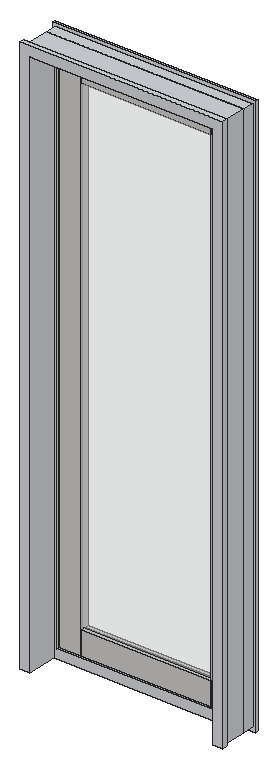
Revit family "APL Residential Thermal Heart Hinged Door Open In", category Doors, host Wall, Revit 2017
Family settings
  Host = Wall
  OmniClass Number = 23.30.10.00
  OmniClass Title = Doors
  Always vertical = Yes
  Cut with Voids When Loaded = No
  Shared = No
  Room Calculation Point = No
Parameters (values of type "Architrave")
  Rough Width = 815 mm
  Rough Height = 2315 mm
  Reveal Liner = no
  Plan Swing = yes
  Panel = Rough Width - 95 mm  # 720 mm
  Liner Sill = no
  Liner Head = yes
  Liner End = 10 mm
  Liner = 51 mm
  Jamb Liner 2 = yes
  Jamb Liner 1 = yes
  Groove = 10 mm
  Function = Interior
  Frame Width Sill = 15 mm
  Frame Projection Ext. = 13 mm
  Frame Projection Int. = 20 mm
  Frame Width = 12.5 mm
  Height = Rough Height - 12.5 mm  # 2302.5 mm
  Wall Closure = By host
  Width = Rough Width - 15 mm  # 800 mm
  Architrave = yes
  Analytic Construction = "<None>"
  90° Opening [instance] = no
  15° Opening [instance] = yes
Reference planes
  plane 1: y = 0
  plane 2 "Center (Left/Right)": x = 0
  plane 3 "Left": x = -407.5
  plane 4 "Right": x = 407.5
  plane 5: z = 2315
  plane 6 "Exterior": y = 75
  plane 7 "Interior": y = -75
Forms (mm)
  Extrusion 1, solid, visible <- "Architrave"
    sketch origin (-3050, -75, 0) x (1, 0, 0) y (0, 0, 1)
      loop
        line (2630, 0) -> (2642.5, 0) -> (2642.5, 2315) -> (3457.5, 2315) -> (3457.5, 0) -> (3470, 0) -> (3470, 2327.5) -> (2630, 2327.5) -> (2630, 0)
    from 0 to 20
  Extrusion 2, solid
    sketch origin (-6.857, 0, 0) x (1, 0, 0) y (0, 1, 0)
      loop
        line (-353.099, 63.413) -> (-264.309, 63.413) -> (-264.309, 69.784) -> (-278.567, 84.042) -> (-353.099, 84.042) -> (-353.099, 63.413)
    from 44.629 to 2267.457
  Extrusion 3, solid
    sketch origin (0, -9.269, 0) x (1, 0, 0) y (0, 1, 0)
      loop
        line (-271.167, 77.961) -> (-271.167, 53.752) -> (270.95, 53.752) -> (270.95, 77.961) -> (-271.167, 77.961)
    from 141.653 to 2170.649
  Extrusion 4, solid
    sketch origin (0, -9.478, 0) x (0, 1, 0) y (0, 0, 1)
      loop
        line (93.461, 2267.457) -> (63.461, 2267.457) -> (63.461, 2170.433) -> (78.451, 2170.433) -> (93.461, 2185.442) -> (93.461, 2267.457)
    from -285.359 to 285.063
  Extrusion 5, solid, visible <- "Architrave"
    sketch origin (0, -32.901, 0) x (1, 0, 0) y (0, 0, 1)
      loop
        line (407.5, 2315) -> (-407.5, 2315) -> (-407.5, 0) -> (-379.424, 0) -> (-379.424, 2287.2) -> (379.424, 2287.2) -> (379.424, 0) -> (407.5, 0) -> (407.5, 2315)
    from -62.788 to 62.099
  Sweep 6, solid, visible <- "Reveal Liner"
    path origin (0, -75, 0) x (1, 0, 0) y (0, 0, 1)
      loop
        line (-407.5, 0) -> (-407.5, 2315) -> (407.5, 2315) -> (407.5, 0)
    profile origin (-407.5, -75, 1157.5) x (-1, 0, 0) y (0, -1, 0)
      loop
        line (-9.076, 20) -> (-28.076, 20) -> (-28.076, -104.887) -> (0, -104.887) -> (0, 0.131) -> (-14.642, 0.131) -> (-14.642, 10) -> (-9.076, 10) -> (-9.076, 20)
  Extrusion 7, solid
    sketch origin (0, 75, 0) x (1, 0, 0) y (0, 0, 1)
      loop
        line (407.5, 2315) -> (-407.5, 2315) -> (-407.5, 0) -> (407.5, 0) -> (407.5, 2315)
      loop
        line (396.8, 2304.3) -> (-396.8, 2304.3) -> (-396.8, 7.8) -> (396.8, 7.8) -> (396.8, 2304.3)
    from 0 to 45.113
  Sweep 8, solid
    path origin (0, 75, 0) x (1, 0, 0) y (0, 0, 1)
      loop
        line (407.5, 2315) -> (-407.5, 2315) -> (-407.5, -2.914) -> (407.5, -2.914) -> (407.5, 2315)
    profile origin (-407.5, 75, 1156.043) x (0, -1, 0) y (1, 0, 0)
      loop
        line (0, -12.5) -> (0, 10.7) -> (45.113, 10.7) -> (45.113, 41.5) -> (42.97, 41.5) -> (42.97, 47.543) -> (-9.042, 47.543) -> (-9.042, 60.5) -> (-20.5, 60.5) -> (-20.5, 5.968) -> (-12.064, -1.111) -> (-12.064, -12.5) -> (0, -12.5)
  Extrusion 9, solid
    sketch origin (6.857, -9.419, 0) x (-1, 0, 0) y (0, -1, 0)
      loop
        line (-353.099, -63.461) -> (-353.099, -93.461) -> (-278.205, -93.461) -> (-264.093, -79.348) -> (-264.093, -63.461) -> (-353.099, -63.461)
    from 44.629 to 2267.457
  Extrusion 10, solid
    sketch origin (0, -9.431, -12.957) x (0, 1, 0) y (0, 0, 1)
      loop
        line (63.461, 2280.413) -> (41.461, 2280.413) -> (41.461, 2183.389) -> (63.461, 2183.389) -> (63.461, 2280.413)
    from -271.167 to 270.95
  Extrusion 11, solid
    sketch origin (0, -9.078, -0.55) x (0, 1, 0) y (0, 0, 1)
      loop
        line (63.12, 142.203) -> (41.461, 142.203) -> (41.461, 45.179) -> (63.12, 45.179) -> (63.12, 142.203)
    from -271.167 to 270.95
  Extrusion 12, solid
    sketch origin (0, -9.419, 2312.086) x (0, 1, 0) y (0, 0, 1)
      loop
        line (93.461, -2267.457) -> (93.461, -2185.442) -> (78.451, -2170.433) -> (63.461, -2170.433) -> (63.461, -2267.457) -> (93.461, -2267.457)
    from -285.359 to 285.063
  Extrusion 13, solid
    sketch origin (0, 0, 0) x (-1, 0, 0) y (0, -1, 0)
      loop
        line (271.167, -63.413) -> (359.957, -63.413) -> (359.957, -32.03) -> (271.167, -32.03) -> (271.167, -63.413)
    from 44.629 to 2267.457
  Extrusion 14, solid
    sketch origin (512.132, -9.419, 0) x (-1, 0, 0) y (0, -1, 0)
      loop
        line (152.175, -63.461) -> (241.182, -63.461) -> (241.182, -41.461) -> (152.175, -41.461) -> (152.175, -63.461)
    from 44.629 to 2267.457
Cuts and joins
  joined: Extrusion 1, Extrusion 5
  joined: Extrusion 7, Sweep 8
  joined: Extrusion 9, Extrusion 14
  joined: Extrusion 2, Extrusion 13
Lines and regions (mm)
  Opening 1
    outline origin (-3050, -75, 0) x (1, 0, 0) y (0, 0, 1)
      loop
        line (2642.5, 0) -> (3457.5, 0) -> (3457.5, 2315) -> (2642.5, 2315) -> (2642.5, 0)
  symbolic lines, style "Elevation Swing"
    curve 1: line (352.941, -75, 1157.5) -> (-347, -75, 2254.5)
    curve 2: line (352.941, -75, 1157.5) -> (-347, -75, 57.586)
  symbolic lines, style "Plan Swing", visible <- "90° Opening"
    curve 3: line (359.957, 32.042, 0) -> (359.957, -687.97, 0)
    curve 4: arc (359.957, -687.97, 0) -> (-149.104, -477.056, 0) -> (-359.957, 32.03, 0) r 720
  symbolic lines, style "Plan Swing", visible <- "15° Opening"
    curve 5: line (359.957, 32.042, 0) -> (-335.51, -154.308, 0)
    curve 6: arc (-360.043, 32.03, 0) -> (-353.883, -61.943, 0) -> (-335.51, -154.308, 0) r 720
Text (mm)
  text "Exterior" at (-2295.016, 1099.543, 0), in view "Ref. Level"
  text "Exterior" at (0, 1615.38, 3698.081), in view "Left"
  text "Exterior" at (0, 1036.032, 3874.932), in view "Right"
Dimensions and locks
  equal spacing: plane 3 "Left", plane 2 "Center (Left/Right)", plane 4 "Right"
  "Rough Width": plane 3 "Left" to plane 4 "Right"
  "Rough Height": plane 5 to host wall
  equal spacing: host wall, curve 2, plane 5
  host wall to plane 5 = 2315 mm
  "Frame Projection Int.": Extrusion 1 to Extrusion 1
  "Frame Width": plane 3 "Left" to Extrusion 1 sketch curve
  "Frame Width": plane 4 "Right" to Extrusion 1 sketch curve
  "Frame Width": Extrusion 1 sketch curve to plane 5
  locked: plane 6 "Exterior" to host wall at 0
  locked: plane 7 "Interior" to host wall
  level to nested 1 = 5 mm
  locked: nested 1 to plane 5 at 7.5
  locked: Extrusion 7 to plane 6 "Exterior" at 45.113
  Extrusion 4 to Extrusion 7 to Extrusion 7 = 133.867 mm, 10.7 mm
  Extrusion 4 to Extrusion 4 to Extrusion 4 to plane 5 = 15.009 mm locked, 82.014 mm locked, 47.543 mm locked
  locked: Extrusion 3 to plane 5 at 144.351
  Extrusion 12 to Extrusion 12 = 97.024 mm
  locked: cut or joined group of Extrusion 7, Sweep 8 to plane 6 "Exterior" at 45.113
  locked: plane 3 "Left" to Sweep 6 at 28.076
  Sweep 6 to plane 4 "Right" = 28.076 mm
  locked: plane 4 "Right" to Extrusion 4 at 122.437
  locked: plane 3 "Left" to Extrusion 4 at 122.141
  locked: plane 4 "Right" to Extrusion 12 at 122.437
  locked: plane 3 "Left" to Extrusion 12 at 122.141
  Extrusion 13 to Extrusion 13 to plane 6 "Exterior" to Extrusion 2 = 31.383 mm locked, 11.587 mm locked, 9.042 mm locked
  Extrusion 14 to Extrusion 14 to plane 6 "Exterior" to Extrusion 9 = 22 mm locked, 20.958 mm locked, 9.042 mm locked
  plane 3 "Left" to cut or joined group of Extrusion 2, Extrusion 13 to cut or joined group of Extrusion 7, Sweep 8 to cut or joined group of Extrusion 2, Extrusion 13 = 47.543 mm locked, 12.957 mm locked, 75.833 mm locked
  cut or joined group of Extrusion 9, Extrusion 14 to cut or joined group of Extrusion 7, Sweep 8 to cut or joined group of Extrusion 9, Extrusion 14 to plane 4 "Right" = 76.05 mm locked, 12.957 mm locked, 47.543 mm locked
  "Panel": radius of curve 4
  "Panel": radius of curve 6
  locked: cut or joined group of Extrusion 7, Sweep 8 to curve 5 (angle 15.00°)
  aligned and locked: plane 3 "Left" to Opening 1 sketch curve
  aligned and locked: plane 5 to Opening 1 sketch curve  (x2)
  aligned and locked: Opening 1 sketch curve to plane 4 "Right"
  aligned and locked: Opening 1 sketch curve to level
  aligned and locked: level to Extrusion 1 sketch curve
  aligned and locked: plane 5 to Extrusion 1 sketch curve  (x2)
  aligned and locked: Extrusion 1 sketch curve to plane 4 "Right"
  aligned and locked: plane 3 "Left" to Extrusion 1 sketch curve
  aligned and locked: plane 1 to host wall
  aligned and locked: Extrusion 1 to Extrusion 5
  aligned and locked: Extrusion 1 to level
  aligned and locked: plane 5 to Sweep 6 sketch curve
  aligned and locked: Sweep 6 sketch curve to plane 4 "Right"
  aligned and locked: Sweep 6 sketch curve to plane 3 "Left"
  aligned and locked: cut or joined group of Extrusion 1, Extrusion 5 to Sweep 6 sketch curve
  aligned and locked: Sweep 6 sketch curve to cut or joined group of Extrusion 1, Extrusion 5
  aligned and locked: Sweep 6 sketch curve to profile plane
  aligned and locked: Extrusion 7 to host wall
  aligned and locked: Sweep 6 sketch curve to Extrusion 7
  aligned and locked: Extrusion 5 to Sweep 6  (x2)
  aligned and locked: Extrusion 5 to cut or joined group of Extrusion 7, Sweep 8
  aligned and locked: Extrusion 4 to Extrusion 9
  aligned and locked: Extrusion 2 to Extrusion 4
  aligned and locked: curve 4 to Extrusion 13
  aligned and locked: curve 3 to Extrusion 14
  aligned and locked: Extrusion 13 to Extrusion 2  (x2)
  aligned and locked: Extrusion 14 to Extrusion 9
  aligned and locked: cut or joined group of Extrusion 7, Sweep 8 to curve 1
  aligned and locked: cut or joined group of Extrusion 7, Sweep 8 to curve 2
  aligned and locked: Extrusion 3 to Extrusion 11
  aligned and locked: Extrusion 11 to Extrusion 3
  aligned and locked: Extrusion 3 to cut or joined group of Extrusion 2, Extrusion 13
  aligned and locked: Extrusion 3 to cut or joined group of Extrusion 9, Extrusion 14
  aligned and locked: Extrusion 14 to Extrusion 4
  aligned and locked: Extrusion 3 to Extrusion 10
  aligned and locked: Extrusion 10 to Extrusion 3
  aligned and locked: cut or joined group of Extrusion 9, Extrusion 14 to curve 5
  aligned and locked: cut or joined group of Extrusion 7, Sweep 8 to curve 6
Automatic sketch dimensions
  Extrusion 2 sketch curve to host wall = 11.587 mm
  Extrusion 2 sketch curve to plane 3 "Left" = 47.543 mm
  host wall to Extrusion 2 sketch curve = 9.042 mm
  Extrusion 2 sketch curve to Extrusion 2 sketch curve = 74.532 mm
  Extrusion 2 sketch curve to host wall = 5.216 mm
  Extrusion 2 sketch curve to Extrusion 2 sketch curve = 14.258 mm
  Extrusion 3 sketch curve to host wall = 30.518 mm
  Extrusion 3 sketch curve to plane 3 "Left" = 136.333 mm
  plane 4 "Right" to Extrusion 3 sketch curve = 136.55 mm
  Extrusion 3 sketch curve to host wall = 6.309 mm
  Extrusion 4 sketch curve to host wall = 21.018 mm
  Extrusion 4 sketch curve to host wall = 6.027 mm
  host wall to Extrusion 4 sketch curve = 8.982 mm
  plane 5 to Extrusion 4 sketch curve = 144.567 mm
  Extrusion 4 sketch curve to Extrusion 4 sketch curve = 15.009 mm
  plane 5 to Extrusion 4 sketch curve = 47.543 mm
  plane 3 "Left" to Extrusion 5 sketch curve = 0 mm
  Extrusion 5 sketch curve to level = 0 mm  (x2)
  plane 4 "Right" to Extrusion 5 sketch curve = 0 mm
  Extrusion 5 sketch curve to plane 5 = 0 mm
  Extrusion 5 sketch curve to plane 3 "Left" = 28.076 mm
  plane 4 "Right" to Extrusion 5 sketch curve = 28.076 mm
  plane 5 to Extrusion 5 sketch curve = 27.8 mm
  Sweep 6 sketch curve to level = 0 mm  (x2)
  profile plane to Sweep 6 sketch curve = 14.642 mm
  Sweep 6 sketch curve to Sweep 6 sketch curve = 5.565 mm
  plane 7 "Interior" to Sweep 6 sketch curve = 0.131 mm
  Sweep 6 sketch curve to Sweep 6 sketch curve = 10 mm
  plane 3 "Left" to Extrusion 7 sketch curve = 0 mm
  plane 4 "Right" to Extrusion 7 sketch curve = 0 mm
  Extrusion 7 sketch curve to level = 0 mm
  Extrusion 7 sketch curve to plane 5 = 0 mm
  Extrusion 7 sketch curve to plane 3 "Left" = 10.7 mm
  plane 4 "Right" to Extrusion 7 sketch curve = 10.7 mm
  level to Extrusion 7 sketch curve = 7.8 mm
  plane 5 to Extrusion 7 sketch curve = 10.7 mm
  plane 3 "Left" to Sweep 8 sketch curve = 0 mm
  plane 4 "Right" to Sweep 8 sketch curve = 0 mm
  Sweep 8 sketch curve to plane 5 = 0 mm
  Sweep 8 sketch curve to level = 2.914 mm
  host wall to Extrusion 9 sketch curve = 20.958 mm
  Extrusion 9 sketch curve to plane 4 "Right" = 47.543 mm
  Extrusion 9 sketch curve to host wall = 9.042 mm
  Extrusion 9 sketch curve to Extrusion 9 sketch curve = 74.894 mm
  host wall to Extrusion 9 sketch curve = 5.071 mm
  Extrusion 9 sketch curve to Extrusion 9 sketch curve = 14.113 mm
  Extrusion 10 sketch curve to host wall = 42.97 mm
  Extrusion 10 sketch curve to host wall = 20.97 mm
  plane 5 to Extrusion 10 sketch curve = 144.567 mm
  plane 5 to Extrusion 10 sketch curve = 47.543 mm
  Extrusion 11 sketch curve to host wall = 42.618 mm
  Extrusion 11 sketch curve to host wall = 20.958 mm
  level to Extrusion 11 sketch curve = 44.629 mm
  Extrusion 11 sketch curve to Extrusion 11 sketch curve = 97.024 mm
  host wall to Extrusion 12 sketch curve = 20.958 mm
  host wall to Extrusion 12 sketch curve = 5.968 mm
  Extrusion 12 sketch curve to host wall = 9.042 mm
  Extrusion 12 sketch curve to level = 141.653 mm
  Extrusion 12 sketch curve to Extrusion 12 sketch curve = 15.009 mm
  Extrusion 12 sketch curve to level = 44.629 mm
  host wall to Extrusion 13 sketch curve = 32.03 mm
  plane 3 "Left" to Extrusion 13 sketch curve = 136.333 mm
  plane 3 "Left" to Extrusion 13 sketch curve = 47.543 mm
  host wall to Extrusion 13 sketch curve = 11.587 mm
  Extrusion 14 sketch curve to host wall = 32.042 mm
  plane 4 "Right" to Extrusion 14 sketch curve = 47.543 mm
  Extrusion 14 sketch curve to Extrusion 14 sketch curve = 89.007 mm
  Extrusion 14 sketch curve to host wall = 20.958 mm
  plane 6 "Exterior" to Sweep 8 sketch curve = 0 mm
  Sweep 8 sketch curve to plane 6 "Exterior" = 9.042 mm
  Sweep 8 sketch curve to Sweep 8 sketch curve = 12.064 mm
  Sweep 8 sketch curve to Sweep 8 sketch curve = 11.458 mm
  plane 6 "Exterior" to Sweep 8 sketch curve = 42.97 mm
  Sweep 8 sketch curve to profile plane = 10.7 mm
  Sweep 8 sketch curve to Sweep 8 sketch curve = 2.143 mm
  Sweep 8 sketch curve to profile plane = 5.968 mm
  profile plane to Sweep 8 sketch curve = 1.111 mm
  profile plane to Sweep 8 sketch curve = 12.5 mm
  Sweep 8 sketch curve to Sweep 8 sketch curve = 30.8 mm
  Sweep 8 sketch curve to Sweep 8 sketch curve = 6.043 mm
  Sweep 8 sketch curve to Sweep 8 sketch curve = 12.957 mm
  plane 4 "Right" to curve 2 = 54.559 mm
  plane 5 to curve 1 = 60.5 mm
  curve 2 to plane 3 "Left" = 60.5 mm
  Extrusion 1 sketch curve to level = 0 mm
  curve 5 to plane 3 "Left" = 71.99 mm
  curve 6 to curve 3 = 0 mm
  curve 6 to curve 4 = 0.087 mm
Nested families
  nested 1: "APL Residential Thermal Heart Hinged Door Open In Vertical Section" at (-420, -269.196, 120.474) x (0, -1, 0) z (1, 0, 0), Liner <- "Liner", Groove <- "Groove", Liner End <- "Liner End", Box Width <- "Height", type "Groove"
    with Liner End 10 mm, Liner 51 mm, Groove 10 mm, Glass Length 2054.5 mm, Box Width 2302.5 mm
  nested 2: "APL Residential Thermal Heart Hinged Door Open In Horizontal Section" at (-408.062, 94.873, 57.586) x (-1, 0, 0) z (0, 0, 1), Box Width <- "Width", Liner <- "Liner", Groove <- "Groove", Liner End <- "Liner End", type "Groove"
    with Liner End 10 mm, Liner 51 mm, Groove 10 mm, Glass Length 1 567 mm, Box Width 800 mm
Definition of nested family "APL Residential Thermal Heart Hinged Door Open In Vertical Section"
  Parameters (values of type "Groove")
    Sill Liner = yes
    Liner End [instance] = 10 mm
    Liner Block = Liner : Liner
    Liner [instance] = 100 mm
    Head Liner = yes
    Groove [instance] = 10 mm
    Glass Length [instance] = Box Width - 248 mm  # 252 mm
    Box Width [instance] = 500 mm
  Types (6, lengths in mm): name | Liner Block
    Groove | Liner : Liner
    No Groove | Liner No Groove : Liner No Groove
    Single Glazing No Groove | Liner No Groove : Liner No Groove
    Double Glazing No Groove | Liner No Groove : Liner No Groove
    Single Glazing Groove | Liner : Liner
    Double Glazing Groove | Liner : Liner
  Reference planes
    plane 1 "Front": x = -362.196
    plane 2: z = 0
    plane 3 "Center (Elevation)": y = 134.526
    plane 4: y = 384.526
    plane 5: y = -115.474
    plane 6: x = -303.196
    plane 7: y = -120.474
    plane 8: x = -349.196
    plane 9: x = -303.175
    plane 10: x = -303.196
    plane 11: x = -344.196
  Dimensions and locks
    equal spacing: plane 4, plane 3 "Center (Elevation)", plane 5
    "Box Width": plane 4 to plane 5
    "Liner": plane 6 to nested 1
    locked: plane 5 to plane 7 at 5
    locked: plane 4 to nested 2 at 124.388
    locked: plane 5 to nested 3 at 124.398
    "Liner": plane 10 to nested 4
    locked: plane 8 to plane 11 at 5
    locked: nested 2 to nested 6 at 6.321
    locked: nested 5 to nested 3 at 6.331
    locked: nested 4 to nested 5 at 13.323
    locked: nested 6 to nested 1 at 13.323
    aligned and locked: nested 1 to plane 6
    aligned and locked: nested 4 to plane 10
    aligned and locked: nested 6 to plane 4
    aligned and locked: nested 5 to plane 5
  Nested families
    nested 1: "Liner" at (-303.196, 363.81, 0), type <- "Liner Block", End Liner <- "Liner End", Groove <- "Groove", visible <- "Head Liner", type "Liner", in view "Left", detail levels fine
      with built-in parameter 1001306 0.32808 (stored number, unit not read)
    nested 2: "Glazing Bead" at (-337.679, 260.138, 0), Glass Lenght <- "Glass Length", type "DG", in view "Left", detail levels fine
      with Glass Lenght 252 mm
    nested 3: "Glazing Bead" at (-337.679, 8.924, 0), Glass Lenght <- "Glass Length", type "DG", in view "Left", detail levels fine
      with Glass Lenght 252 mm
    nested 4: "Liner" at (-303.196, -94.758, 0), type <- "Liner Block", End Liner <- "Liner End", Groove <- "Groove", visible <- "Sill Liner", type "Liner", in view "Left", detail levels fine
      with built-in parameter 1001306 0.32808 (stored number, unit not read)
    nested 5: "Open In Head&Sill" at (-349.196, -115.474, 0), type "Open Out Head&Sill", in view "Left", detail levels fine
    nested 6: "Open In Head&Sill" at (-349.196, 384.526, 0), type "Open Out Head&Sill", in view "Left", detail levels fine
  Definition of nested family "Liner"
    Parameters (values of type "Liner")
      Type Image = (empty or 0)
      built-in parameter 1001306 [instance] = 100 mm
      Groove [instance] = 10 mm
      End Liner [instance] = 10 mm
    Reference planes
      plane 1 "Center (Front/Back)": y = 0
      plane 2: z = 0
      plane 3 "Left": x = 0
      plane 4 "Right": x = 100
    Lines and regions (mm)
      Filled region 1, type "Brick", in view "Ref. Level"
        outline origin (0, 0, 0) x (1, 0, 0) y (0, 1, 0)
          loop
            line (0, 0) -> (120, 0) -> (120, 19) -> (110, 19) -> (110, 13.435) -> (100, 13.435) -> (100, 19) -> (0, 19) -> (0, 0)
      reference lines, in view "Ref. Level"
        curve 1: line (0, 0, 0) -> (100, 0, 0)
      detail lines, in view "Ref. Level", detail levels fine
        curve 2: line (100, 0, 0) -> (0, 0, 0)
    Dimensions and locks
      "built-in parameter 1001306": plane 3 "Left" to plane 4 "Right"
      locked: Filled region 1 to curve 2 at 19
      "Groove": plane 4 "Right" to Filled region 1
      "End Liner": Filled region 1 to Filled region 1
      aligned and locked: plane 1 "Center (Front/Back)" to curve 1
      aligned and locked: plane 3 "Left" to curve 1
      aligned and locked: plane 4 "Right" to curve 1
      aligned and locked: curve 1 to Filled region 1
      aligned and locked: plane 1 "Center (Front/Back)" to Filled region 1
      aligned and locked: Filled region 1 to plane 3 "Left"
    Automatic sketch dimensions
      curve 2 to plane 4 "Right" = 0 mm
      Filled region 1 sketch curve to plane 3 "Left" = 0 mm
      Filled region 1 sketch curve to plane 4 "Right" = 0 mm
      Filled region 1 sketch curve to Filled region 1 sketch curve = 10 mm  (x2)
      Filled region 1 sketch curve to plane 1 "Center (Front/Back)" = 0 mm
      Filled region 1 sketch curve to plane 1 "Center (Front/Back)" = 13.435 mm
      Filled region 1 sketch curve to Filled region 1 sketch curve = 5.565 mm  (x2)
      curve 2 to plane 3 "Left" = 0 mm
  Definition of nested family "Glazing Bead"
    Parameters (values of type "Glazing Bead")
      Glass Lenght [instance] = 50 mm
    Reference planes
      plane 1 "Center (Front/Back)": y = 0
      plane 2: z = 0
      plane 3 "Center (Left/Right)": x = 0
      plane 4: y = -50
    Lines and regions (mm)
      Filled region 1, type "Solid Fill - Black", in view "Ref. Level"
        outline origin (0, 0, 0) x (1, 0, 0) y (0, 1, 0)
          loop
            line (4, 0) -> (4, -12) -> (20, -12) -> (20, 0) -> (4, 0)
      model lines, in view "Ref. Level"
        curve 1: line (4, -12, 0) -> (20, -12, 0)
        curve 2: line (0, -50, 0) -> (0, 0, 0)
        curve 3: line (0, 0, 0) -> (24, 0, 0)
        curve 4: line (24, 0, 0) -> (24, -50, 0)
        curve 5: line (20, 0, 0) -> (20, -50, 0)
        curve 6: line (4, 0, 0) -> (4, -50, 0)
      detail lines, in view "Ref. Level"
        curve 7: arc (-0.25, -4.9, 0) -> (0, -5.15, 0) -> (-0.25, -5.4, 0) r 0.25
        curve 8: arc (-0.25, -8.45, 0) -> (0, -8.7, 0) -> (-0.25, -8.95, 0) r 0.25
        curve 9: arc (-0.25, -9.619, 0) -> (0, -9.869, 0) -> (-0.25, -10.119, 0) r 0.25
        curve 10: arc (-0.25, -10.787, 0) -> (0, -11.037, 0) -> (-0.25, -11.287, 0) r 0.25
        curve 11: line (-0.25, -12.456, 0) -> (-1, -12.456, 0)
        curve 12: line (-1, -12.456, 0) -> (-1, -8.45, 0)
        curve 13: line (-1, -8.45, 0) -> (-2.2, -8.45, 0)
        curve 14: line (-2.2, -8.45, 0) -> (-2.2, -9.2, 0)
        curve 15: line (-2.2, -9.2, 0) -> (-2.8, -9.2, 0)
        curve 16: line (-2.8, -9.2, 0) -> (-2.8, -6.1, 0)
        curve 17: line (-2.8, -6.1, 0) -> (-2.2, -6.1, 0)
        curve 18: line (-2.2, -6.1, 0) -> (-2.2, -6.85, 0)
        curve 19: line (-2.2, -6.85, 0) -> (-1, -6.85, 0)
        curve 20: line (-1, -6.85, 0) -> (-1, -4.9, 0)
        curve 21: line (-1, -4.9, 0) -> (-0.25, -4.9, 0)
        curve 22: line (-0.25, -5.4, 0) -> (-0.25, -8.45, 0)
        curve 23: line (-0.25, -8.95, 0) -> (-0.25, -9.619, 0)
        curve 24: line (-0.25, -10.119, 0) -> (-0.25, -10.787, 0)
        curve 25: line (-0.25, -11.287, 0) -> (-0.25, -11.956, 0)
        curve 26: arc (-0.25, -11.956, 0) -> (0, -12.206, 0) -> (-0.25, -12.456, 0) r 0.25
      detail lines, in view "Ref. Level", not visible
        curve 27: arc (-0.25, -4.9, 0) -> (0, -5.15, 0) -> (-0.25, -5.4, 0) r 0.25
        curve 28: arc (-0.25, -8.45, 0) -> (0, -8.7, 0) -> (-0.25, -8.95, 0) r 0.25
        curve 29: arc (-0.25, -9.619, 0) -> (0, -9.869, 0) -> (-0.25, -10.119, 0) r 0.25
        curve 30: arc (-0.25, -10.787, 0) -> (0, -11.037, 0) -> (-0.25, -11.287, 0) r 0.25
        curve 31: line (-0.25, -12.456, 0) -> (-1, -12.456, 0)
        curve 32: line (-1, -12.456, 0) -> (-1, -8.45, 0)
        curve 33: line (-1, -8.45, 0) -> (-2.2, -8.45, 0)
        curve 34: line (-2.2, -8.45, 0) -> (-2.2, -9.2, 0)
        curve 35: line (-2.2, -9.2, 0) -> (-2.8, -9.2, 0)
        curve 36: line (-2.8, -9.2, 0) -> (-2.8, -6.1, 0)
        curve 37: line (-2.8, -6.1, 0) -> (-2.2, -6.1, 0)
        curve 38: line (-2.2, -6.1, 0) -> (-2.2, -6.85, 0)
        curve 39: line (-2.2, -6.85, 0) -> (-1, -6.85, 0)
        curve 40: line (-1, -6.85, 0) -> (-1, -4.9, 0)
        curve 41: line (-1, -4.9, 0) -> (-0.25, -4.9, 0)
        curve 42: line (-0.25, -5.4, 0) -> (-0.25, -8.45, 0)
        curve 43: line (-0.25, -8.95, 0) -> (-0.25, -9.619, 0)
        curve 44: line (-0.25, -10.119, 0) -> (-0.25, -10.787, 0)
        curve 45: line (-0.25, -11.287, 0) -> (-0.25, -11.956, 0)
        curve 46: arc (-0.25, -11.956, 0) -> (0, -12.206, 0) -> (-0.25, -12.456, 0) r 0.25
        curve 47: arc (62.983, -3.041, 0) -> (62.673, -2.901, 0) -> (62.511, -3.2, 0) r 0.25
        curve 48: arc (62.537, -13.088, 0) -> (62.7, -13.387, 0) -> (63.01, -13.247, 0) r 0.25
        curve 49: line (62.511, -3.2, 0) -> (63.505, -7.068, 0)
        curve 50: line (63.505, -7.068, 0) -> (62.502, -7.647, 0)
        curve 51: line (62.502, -7.647, 0) -> (62.502, -8.647, 0)
        curve 52: line (62.502, -8.647, 0) -> (63.527, -9.239, 0)
        curve 53: line (63.527, -9.239, 0) -> (62.537, -13.088, 0)
        curve 54: line (63.01, -13.247, 0) -> (64.734, -9.147, 0)
        curve 55: line (64.734, -9.147, 0) -> (66.002, -9.147, 0)
        curve 56: line (66.002, -9.147, 0) -> (66.002, -10.397, 0)
        curve 57: line (66.002, -10.397, 0) -> (67.002, -10.397, 0)
        curve 58: line (67.002, -10.397, 0) -> (67.002, -5.897, 0)
        curve 59: line (67.002, -5.897, 0) -> (66.002, -5.897, 0)
        curve 60: line (66.002, -5.897, 0) -> (66.002, -7.147, 0)
        curve 61: line (66.002, -7.147, 0) -> (64.71, -7.147, 0)
        curve 62: line (64.71, -7.147, 0) -> (62.983, -3.041, 0)
    Dimensions and locks
      "Glass Lenght": plane 1 "Center (Front/Back)" to plane 4
      aligned and locked: plane 4 to curve 2
      aligned and locked: plane 1 "Center (Front/Back)" to Filled region 1 sketch curve
      aligned and locked: Filled region 1 sketch curve to curve 6
      aligned and locked: Filled region 1 sketch curve to curve 1
      aligned and locked: Filled region 1 sketch curve to curve 5
    Automatic sketch dimensions
      plane 1 "Center (Front/Back)" to curve 2 = 0 mm
      curve 2 to plane 3 "Center (Left/Right)" = 0 mm
      curve 6 to plane 4 = 0 mm
      curve 5 to plane 4 = 0 mm
      curve 4 to plane 4 = 0 mm
      curve 5 to curve 3 = 4 mm
      plane 3 "Center (Left/Right)" to curve 1 = 4 mm
      curve 6 to curve 5 = 16 mm
      plane 1 "Center (Front/Back)" to curve 1 = 12 mm
    Nested families
      nested 1: "65015_Bead" at (-15.5, 6.328, 0), type "65015_Bead", in view "Ref. Level"
    Definition of nested family "65015_Bead"
      Reference planes
        plane 1 "Center (Front/Back)": y = 0
        plane 2: z = 0
        plane 3 "Center (Left/Right)": x = 0
      Lines and regions (mm)
        model lines, in view "Ref. Level"
          curve 1: arc (13.5, 12.78, 0) -> (13.558, 12.92, 0) -> (13.698, 12.978, 0) r 0.198
          curve 2: arc (14.302, 12.978, 0) -> (14.442, 12.918, 0) -> (14.5, 12.777, 0) r 0.201
          curve 3: arc (14.5, 10.175, 0) -> (14.442, 10.036, 0) -> (14.302, 9.978, 0) r 0.198
          curve 4: arc (13.698, 9.978, 0) -> (13.558, 10.036, 0) -> (13.5, 10.175, 0) r 0.198
          curve 5: arc (13.5, 11.027, 0) -> (13.442, 11.169, 0) -> (13.3, 11.228, 0) r 0.2
          curve 6: arc (12.7, 11.228, 0) -> (11.851, 11.579, 0) -> (11.5, 12.428, 0) r 1.2
          curve 7: arc (11.5, 13.628, 0) -> (11.377, 13.813, 0) -> (11.159, 13.769, 0) r 0.2
          curve 8: arc (1.546, 4.157, 0) -> (1.438, 3.995, 0) -> (1.4, 3.804, 0) r 0.5
          curve 9: arc (1.4, 1.817, 0) -> (1.467, 1.567, 0) -> (1.65, 1.384, 0) r 0.5
          curve 10: arc (10.675, -3.827, 0) -> (10.913, -4.714, 0) -> (10.025, -4.952, 0) r 0.65
          curve 11: arc (3.306, -1.073, 0) -> (2.928, -1.023, 0) -> (2.624, -1.254, 0) r 0.5
          curve 12: arc (2.587, -2.129, 0) -> (2.248, -2.45, 0) -> (1.791, -2.352, 0) r 0.5
          curve 13: arc (1.518, -2.123, 0) -> (1.466, -2.054, 0) -> (1.447, -1.97, 0) r 0.2
          curve 14: arc (1.447, -1.115, 0) -> (1.476, -1.011, 0) -> (1.555, -0.938, 0) r 0.2
          curve 15: arc (1.555, -0.938, 0) -> (1.717, -0.809, 0) -> (1.82, -0.63, 0) r 0.55
          curve 16: arc (1.82, -0.63, 0) -> (1.825, -0.452, 0) -> (1.729, -0.302, 0) r 0.3
          curve 17: arc (0.2, 0, 0) -> (0.059, 0.059, 0) -> (0, 0.2, 0) r 0.2
          curve 18: arc (0, 4.383, 0) -> (0.038, 4.575, 0) -> (0.146, 4.737, 0) r 0.5
          curve 19: arc (14.159, 18.749, 0) -> (14.377, 18.792, 0) -> (14.5, 18.608, 0) r 0.2
          curve 20: arc (14.5, 15.172, 0) -> (14.442, 15.034, 0) -> (14.303, 14.978, 0) r 0.194
          curve 21: arc (13.698, 14.978, 0) -> (13.559, 15.038, 0) -> (13.5, 15.177, 0) r 0.203
          curve 22: arc (13.5, 15.528, 0) -> (13.441, 15.669, 0) -> (13.3, 15.728, 0) r 0.201
          curve 23: arc (12.7, 15.728, 0) -> (12.559, 15.669, 0) -> (12.5, 15.528, 0) r 0.2
          curve 24: arc (12.5, 12.428, 0) -> (12.559, 12.286, 0) -> (12.7, 12.228, 0) r 0.2
          curve 25: line (13.5, 12.428, 0) -> (13.5, 12.78, 0)
          curve 26: line (13.698, 12.978, 0) -> (14.302, 12.978, 0)
          curve 27: line (14.5, 12.777, 0) -> (14.5, 10.175, 0)
          curve 28: line (14.302, 9.978, 0) -> (13.698, 9.978, 0)
          curve 29: line (13.5, 10.175, 0) -> (13.5, 11.027, 0)
          curve 30: line (13.3, 11.228, 0) -> (12.7, 11.228, 0)
          curve 31: line (11.5, 12.428, 0) -> (11.5, 13.628, 0)
          curve 32: line (11.159, 13.769, 0) -> (1.546, 4.157, 0)
          curve 33: line (1.4, 3.804, 0) -> (1.4, 1.817, 0)
          curve 34: line (1.65, 1.384, 0) -> (10.675, -3.827, 0)
          curve 35: line (10.025, -4.952, 0) -> (3.306, -1.073, 0)
          curve 36: line (2.597, -1.355, 0) -> (2.597, -2.065, 0)
          curve 37: line (1.791, -2.352, 0) -> (1.518, -2.123, 0)
          curve 38: line (1.518, -2.123, 0) -> (1.447, -1.115, 0)
          curve 39: line (1.729, -0.302, 0) -> (1.425, -0.047, 0)
          curve 40: line (1.425, -0.047, 0) -> (0.2, 0, 0)
          curve 41: line (0, 0.2, 0) -> (0, 4.383, 0)
          curve 42: line (0.146, 4.737, 0) -> (14.159, 18.749, 0)
          curve 43: line (14.5, 18.608, 0) -> (14.5, 15.172, 0)
          curve 44: line (14.303, 14.978, 0) -> (13.698, 14.978, 0)
          curve 45: line (13.5, 15.177, 0) -> (13.5, 15.528, 0)
          curve 46: line (13.3, 15.728, 0) -> (12.7, 15.728, 0)
          curve 47: line (12.5, 15.528, 0) -> (12.5, 12.428, 0)
          curve 48: line (12.7, 12.228, 0) -> (13.3, 12.228, 0)
          curve 49: arc (13.3, 12.228, 0) -> (13.441, 12.286, 0) -> (13.5, 12.428, 0) r 0.2
      Text (mm)
        text "65015" at (32.01, 10.207, 0), in view "Ref. Level"
  Definition of nested family "Open In Head&Sill"
    Types (2): name
      Open Out Head&Sill
      Sill
    Reference planes
      plane 1 "Center (Front/Back)": y = 0
      plane 2: z = 0
      plane 3 "Center (Left/Right)": x = 0
    Lines and regions (mm)
      detail lines, in view "Ref. Level"
        curve 1: arc (36.8, 138.423, 0) -> (36.489, 138.563, 0) -> (36.327, 138.264, 0) r 0.25
        curve 2: arc (36.353, 128.376, 0) -> (36.516, 128.077, 0) -> (36.826, 128.217, 0) r 0.25
        curve 3: line (36.327, 138.264, 0) -> (37.321, 134.396, 0)
        curve 4: line (37.321, 134.396, 0) -> (36.318, 133.817, 0)
        curve 5: line (36.318, 133.817, 0) -> (36.318, 132.817, 0)
        curve 6: line (36.318, 132.817, 0) -> (37.343, 132.225, 0)
        curve 7: line (37.343, 132.225, 0) -> (36.353, 128.376, 0)
        curve 8: line (36.826, 128.217, 0) -> (38.55, 132.317, 0)
        curve 9: line (38.55, 132.317, 0) -> (39.818, 132.317, 0)
        curve 10: line (39.818, 132.317, 0) -> (39.818, 131.067, 0)
        curve 11: line (39.818, 131.067, 0) -> (40.818, 131.067, 0)
        curve 12: line (40.818, 131.067, 0) -> (40.818, 135.567, 0)
        curve 13: line (40.818, 135.567, 0) -> (39.818, 135.567, 0)
        curve 14: line (39.818, 135.567, 0) -> (39.818, 134.317, 0)
        curve 15: line (39.818, 134.317, 0) -> (38.526, 134.317, 0)
        curve 16: line (38.526, 134.317, 0) -> (36.8, 138.423, 0)
        curve 57: arc (-8.682, 49.459, 0) -> (-8.541, 49.401, 0) -> (-8.482, 49.259, 0) r 0.2
        curve 58: arc (-8.482, 46.539, 0) -> (-8.424, 46.398, 0) -> (-8.282, 46.339, 0) r 0.2
        curve 59: arc (-7.182, 46.339, 0) -> (-6.475, 46.632, 0) -> (-6.182, 47.339, 0) r 1
        curve 60: arc (-5.747, 45.421, 0) -> (-4.865, 44.539, 0) -> (-3.982, 45.421, 0) r 0.882
        curve 61: arc (-3.982, 47.651, 0) -> (-3.987, 47.752, 0) -> (-4.003, 47.852, 0) r 1
        curve 62: arc (-4.844, 51.942, 0) -> (-5.393, 52.665, 0) -> (-6.257, 52.939, 0) r 1.5
        curve 63: arc (-7.482, 52.939, 0) -> (-8.189, 52.646, 0) -> (-8.482, 51.939, 0) r 1
        curve 64: arc (-13.431, 51.439, 0) -> (-13.611, 51.327, 0) -> (-13.589, 51.116, 0) r 0.2
        curve 65: arc (-12.239, 48.416, 0) -> (-12.1, 48.31, 0) -> (-11.93, 48.354, 0) r 0.2
        curve 66: line (-8.482, 49.259, 0) -> (-8.482, 46.539, 0)
        curve 67: line (-8.282, 46.339, 0) -> (-7.882, 46.339, 0)
        curve 68: line (-7.882, 46.339, 0) -> (-7.182, 46.339, 0)
        curve 69: line (-6.182, 47.339, 0) -> (-6.182, 50.344, 0)
        curve 70: line (-6.182, 50.344, 0) -> (-5.755, 47.702, 0)
        curve 71: line (-5.755, 47.702, 0) -> (-5.747, 45.421, 0)
        curve 72: line (-3.982, 45.421, 0) -> (-3.982, 47.651, 0)
        curve 73: line (-4.003, 47.852, 0) -> (-4.844, 51.942, 0)
        curve 74: line (-6.387, 52.939, 0) -> (-7.482, 52.939, 0)
        curve 75: line (-8.482, 51.939, 0) -> (-8.482, 51.439, 0)
        curve 76: line (-8.482, 51.439, 0) -> (-13.431, 51.439, 0)
        curve 77: line (-13.589, 51.116, 0) -> (-12.239, 48.416, 0)
        curve 78: line (-11.93, 48.354, 0) -> (-10.646, 49.459, 0)
        curve 79: arc (-10.646, 49.459, 0) -> (-9.664, 49.592, 0) -> (-8.682, 49.459, 0) r 3.701
        curve 80: arc (-13.589, 51.116, 0) -> (-13.611, 51.327, 0) -> (-13.431, 51.439, 0) r 0.2
      detail lines, in view "Ref. Level", not visible
        curve 17: arc (27.921, 135.423, 0) -> (27.611, 135.563, 0) -> (27.449, 135.264, 0) r 0.25
        curve 18: arc (27.475, 125.376, 0) -> (27.637, 125.077, 0) -> (27.948, 125.217, 0) r 0.25
        curve 19: line (27.449, 135.264, 0) -> (28.443, 131.396, 0)
        curve 20: line (28.443, 131.396, 0) -> (27.439, 130.817, 0)
        curve 21: line (27.439, 130.817, 0) -> (27.439, 129.817, 0)
        curve 22: line (27.439, 129.817, 0) -> (28.465, 129.225, 0)
        curve 23: line (28.465, 129.225, 0) -> (27.475, 125.376, 0)
        curve 24: line (27.948, 125.217, 0) -> (29.672, 129.317, 0)
        curve 25: line (29.672, 129.317, 0) -> (30.939, 129.317, 0)
        curve 26: line (30.939, 129.317, 0) -> (30.939, 128.067, 0)
        curve 27: line (30.939, 128.067, 0) -> (31.939, 128.067, 0)
        curve 28: line (31.939, 128.067, 0) -> (31.939, 132.567, 0)
        curve 29: line (31.939, 132.567, 0) -> (30.939, 132.567, 0)
        curve 30: line (30.939, 132.567, 0) -> (30.939, 131.317, 0)
        curve 31: line (30.939, 131.317, 0) -> (29.647, 131.317, 0)
        curve 32: line (29.647, 131.317, 0) -> (27.921, 135.423, 0)
        curve 33: arc (43.239, 46.459, 0) -> (43.098, 46.401, 0) -> (43.039, 46.259, 0) r 0.2
        curve 34: arc (43.039, 43.539, 0) -> (42.981, 43.398, 0) -> (42.839, 43.339, 0) r 0.2
        curve 35: arc (41.739, 43.339, 0) -> (41.032, 43.632, 0) -> (40.739, 44.339, 0) r 1
        curve 36: arc (40.304, 42.421, 0) -> (39.422, 41.539, 0) -> (38.539, 42.421, 0) r 0.882
        curve 37: arc (38.539, 44.651, 0) -> (38.545, 44.752, 0) -> (38.56, 44.852, 0) r 1
        curve 38: arc (39.401, 48.942, 0) -> (39.95, 49.665, 0) -> (40.814, 49.939, 0) r 1.5
        curve 39: arc (42.039, 49.939, 0) -> (42.747, 49.646, 0) -> (43.039, 48.939, 0) r 1
        curve 40: arc (47.988, 48.439, 0) -> (48.168, 48.327, 0) -> (48.146, 48.116, 0) r 0.2
        curve 41: arc (46.796, 45.416, 0) -> (46.657, 45.31, 0) -> (46.487, 45.354, 0) r 0.2
        curve 42: line (43.039, 46.259, 0) -> (43.039, 43.539, 0)
        curve 43: line (42.839, 43.339, 0) -> (42.439, 43.339, 0)
        curve 44: line (42.439, 43.339, 0) -> (41.739, 43.339, 0)
        curve 45: line (40.739, 44.339, 0) -> (40.739, 47.344, 0)
        curve 46: line (40.739, 47.344, 0) -> (40.312, 44.702, 0)
        curve 47: line (40.312, 44.702, 0) -> (40.304, 42.421, 0)
        curve 48: line (38.539, 42.421, 0) -> (38.539, 44.651, 0)
        curve 49: line (38.56, 44.852, 0) -> (39.401, 48.942, 0)
        curve 50: line (40.944, 49.939, 0) -> (42.039, 49.939, 0)
        curve 51: line (43.039, 48.939, 0) -> (43.039, 48.439, 0)
        curve 52: line (43.039, 48.439, 0) -> (47.988, 48.439, 0)
        curve 53: line (48.146, 48.116, 0) -> (46.796, 45.416, 0)
        curve 54: line (46.487, 45.354, 0) -> (45.203, 46.459, 0)
        curve 55: arc (45.203, 46.459, 0) -> (44.221, 46.592, 0) -> (43.239, 46.459, 0) r 3.701
        curve 56: arc (48.146, 48.116, 0) -> (48.168, 48.327, 0) -> (47.988, 48.439, 0) r 0.2
    Nested families
      nested 1: "65200_Rail" at (-3.982, 40.067, 0), type "65200_Rail", in view "Ref. Level"
      nested 2: "65300_Open In Frame" at (0, 25.539, 0), type "65300_Open In Frame", in view "Ref. Level"
    Definition of nested family "65200_Rail"
      Reference planes
        plane 1 "Center (Front/Back)": y = 0
        plane 2: z = 0
        plane 3 "Center (Left/Right)": x = 0
      Lines and regions (mm)
        model lines, in view "Ref. Level"
          curve 1: arc (21.508, 72.285, 0) -> (21.289, 71.405, 0) -> (21.948, 70.781, 0) r 0.9
          curve 2: arc (21.948, 70.781, 0) -> (22.059, 70.711, 0) -> (22.103, 70.587, 0) r 0.2
          curve 3: arc (22.103, 69.98, 0) -> (22.249, 69.626, 0) -> (22.603, 69.48, 0) r 0.5
          curve 4: arc (26.4, 69.48, 0) -> (26.754, 69.626, 0) -> (26.9, 69.98, 0) r 0.5
          curve 5: arc (26.9, 72.45, 0) -> (26.772, 72.668, 0) -> (26.519, 72.663, 0) r 0.25
          curve 6: arc (26.434, 72.611, 0) -> (26.328, 72.479, 0) -> (26.331, 72.309, 0) r 0.25
          curve 7: arc (25.077, 71.544, 0) -> (25.002, 71.511, 0) -> (24.921, 71.5, 0) r 0.3
          curve 8: arc (24.4, 71.5, 0) -> (24.242, 71.578, 0) -> (24.206, 71.75, 0) r 0.2
          curve 9: arc (24.4, 75.753, 0) -> (24.374, 75.875, 0) -> (24.3, 75.976, 0) r 0.3
          curve 10: arc (24.3, 75.976, 0) -> (24.22, 76.307, 0) -> (24.5, 76.5, 0) r 0.3
          curve 11: arc (26.721, 75.957, 0) -> (26.81, 75.905, 0) -> (26.862, 75.816, 0) r 0.2
          curve 12: arc (26.907, 75.648, 0) -> (27.048, 75.507, 0) -> (27.241, 75.559, 0) r 0.2
          curve 13: arc (27.605, 75.922, 0) -> (27.665, 76.008, 0) -> (27.692, 76.108, 0) r 0.3
          curve 14: arc (27.899, 78.474, 0) -> (27.783, 78.738, 0) -> (27.497, 78.782, 0) r 0.3
          curve 15: arc (26.087, 78.268, 0) -> (25.961, 78.181, 0) -> (25.895, 78.043, 0) r 0.3
          curve 16: arc (25.895, 78.043, 0) -> (25.622, 77.801, 0) -> (25.317, 78, 0) r 0.3
          curve 17: arc (9.5, 78, 0) -> (9.359, 77.941, 0) -> (9.3, 77.8, 0) r 0.2
          curve 18: arc (9.3, 77.5, 0) -> (9.38, 77.2, 0) -> (9.6, 76.98, 0) r 0.6
          curve 19: arc (10.7, 76.345, 0) -> (10.773, 76.272, 0) -> (10.8, 76.172, 0) r 0.2
          curve 20: arc (10.8, 72.08, 0) -> (10.507, 71.373, 0) -> (9.8, 71.08, 0) r 1
          curve 21: arc (2.42, 71.08, 0) -> (1.721, 71.366, 0) -> (1.421, 72.06, 0) r 1
          curve 22: arc (1.322, 76.935, 0) -> (1.357, 77.052, 0) -> (1.453, 77.127, 0) r 0.2
          curve 23: arc (1.453, 77.127, 0) -> (1.621, 77.234, 0) -> (1.725, 77.403, 0) r 0.45
          curve 24: arc (1.725, 77.403, 0) -> (1.729, 77.522, 0) -> (1.665, 77.621, 0) r 0.2
          curve 25: arc (0.2, 78, 0) -> (0.059, 77.941, 0) -> (0, 77.8, 0) r 0.2
          curve 26: arc (0, 0.501, 0) -> (0.146, 0.147, 0) -> (0.5, 0, 0) r 0.5
          curve 27: arc (1, 0, 0) -> (1.354, 0.146, 0) -> (1.5, 0.5, 0) r 0.5
          curve 28: arc (1.5, 10.66, 0) -> (1.559, 10.801, 0) -> (1.7, 10.86, 0) r 0.2
          curve 29: arc (31.317, 10.86, 0) -> (31.622, 11.059, 0) -> (31.895, 10.817, 0) r 0.3
          curve 30: arc (31.895, 10.817, 0) -> (31.961, 10.679, 0) -> (32.087, 10.592, 0) r 0.3
          curve 31: arc (33.497, 10.078, 0) -> (33.783, 10.122, 0) -> (33.899, 10.386, 0) r 0.3
          curve 32: arc (33.692, 12.752, 0) -> (33.665, 12.852, 0) -> (33.605, 12.938, 0) r 0.3
          curve 33: arc (33.241, 13.301, 0) -> (33.048, 13.353, 0) -> (32.907, 13.212, 0) r 0.2
          curve 34: arc (32.862, 13.044, 0) -> (32.81, 12.955, 0) -> (32.721, 12.903, 0) r 0.2
          curve 35: arc (30.5, 12.36, 0) -> (30.22, 12.553, 0) -> (30.3, 12.884, 0) r 0.3
          curve 36: arc (30.3, 12.884, 0) -> (30.374, 12.985, 0) -> (30.4, 13.107, 0) r 0.3
          curve 37: arc (30.206, 17.11, 0) -> (30.242, 17.282, 0) -> (30.4, 17.36, 0) r 0.2
          curve 38: arc (30.921, 17.36, 0) -> (31.002, 17.349, 0) -> (31.077, 17.316, 0) r 0.3
          curve 39: arc (32.331, 16.551, 0) -> (32.328, 16.381, 0) -> (32.434, 16.249, 0) r 0.25
          curve 40: arc (32.519, 16.197, 0) -> (32.772, 16.192, 0) -> (32.9, 16.41, 0) r 0.25
          curve 41: arc (32.9, 18.88, 0) -> (32.754, 19.234, 0) -> (32.4, 19.38, 0) r 0.5
          curve 42: arc (29, 19.38, 0) -> (28.646, 19.234, 0) -> (28.5, 18.88, 0) r 0.5
          curve 43: arc (28.5, 12.96, 0) -> (28.354, 12.606, 0) -> (28, 12.46, 0) r 0.5
          curve 44: arc (23.847, 12.46, 0) -> (23.416, 12.707, 0) -> (23.41, 13.203, 0) r 0.5
          curve 45: arc (23.41, 13.203, 0) -> (23.869, 15.613, 0) -> (22.798, 17.82, 0) r 3.9
          curve 46: arc (22.798, 17.82, 0) -> (21.525, 17.837, 0) -> (21.508, 16.565, 0) r 0.9
          curve 47: arc (21.508, 16.565, 0) -> (22.103, 15.1, 0) -> (21.508, 13.635, 0) r 2.1
          curve 48: arc (21.508, 13.635, 0) -> (21.382, 13.473, 0) -> (21.297, 13.286, 0) r 0.9
          curve 49: arc (21.297, 13.286, 0) -> (21.199, 13.114, 0) -> (21.043, 12.993, 0) r 0.5
          curve 50: arc (21.043, 12.993, 0) -> (20.003, 12.75, 0) -> (18.962, 12.993, 0) r 2.35
          curve 51: arc (18.962, 12.993, 0) -> (18.806, 13.114, 0) -> (18.708, 13.286, 0) r 0.5
          curve 52: arc (18.708, 13.286, 0) -> (18.623, 13.473, 0) -> (18.498, 13.635, 0) r 0.9
          curve 53: arc (18.498, 13.635, 0) -> (17.903, 15.1, 0) -> (18.498, 16.565, 0) r 2.1
          curve 54: arc (18.498, 16.565, 0) -> (18.48, 17.837, 0) -> (17.208, 17.82, 0) r 0.9
          curve 55: arc (17.208, 17.82, 0) -> (16.136, 15.613, 0) -> (16.595, 13.203, 0) r 3.9
          curve 56: arc (16.595, 13.203, 0) -> (16.589, 12.707, 0) -> (16.158, 12.46, 0) r 0.5
          curve 57: arc (2.1, 12.46, 0) -> (1.746, 12.606, 0) -> (1.6, 12.96, 0) r 0.5
          curve 58: arc (1.6, 68.98, 0) -> (1.746, 69.334, 0) -> (2.1, 69.48, 0) r 0.5
          curve 59: arc (9.8, 69.48, 0) -> (11.638, 70.242, 0) -> (12.4, 72.08, 0) r 2.6
          curve 60: arc (12.4, 75.9, 0) -> (12.546, 76.254, 0) -> (12.9, 76.4, 0) r 0.5
          curve 61: line (22.103, 70.587, 0) -> (22.103, 69.98, 0)
          curve 62: line (22.603, 69.48, 0) -> (26.4, 69.48, 0)
          curve 63: line (26.9, 69.98, 0) -> (26.9, 72.45, 0)
          curve 64: line (26.331, 72.309, 0) -> (25.077, 71.544, 0)
          curve 65: line (25.077, 71.544, 0) -> (24.4, 71.5, 0)
          curve 66: line (24.206, 71.75, 0) -> (24.394, 72.475, 0)
          curve 67: line (24.394, 72.475, 0) -> (24.4, 75.753, 0)
          curve 68: line (24.654, 76.5, 0) -> (26.721, 75.957, 0)
          curve 69: line (26.721, 75.957, 0) -> (26.907, 75.648, 0)
          curve 70: line (27.241, 75.559, 0) -> (27.605, 75.922, 0)
          curve 71: line (27.692, 76.108, 0) -> (27.899, 78.474, 0)
          curve 72: line (27.497, 78.782, 0) -> (26.087, 78.268, 0)
          curve 73: line (25.317, 78, 0) -> (9.5, 78, 0)
          curve 74: line (9.3, 77.8, 0) -> (9.3, 77.5, 0)
          curve 75: line (9.6, 76.98, 0) -> (10.7, 76.345, 0)
          curve 76: line (10.8, 76.172, 0) -> (10.8, 72.08, 0)
          curve 77: line (9.8, 71.08, 0) -> (2.42, 71.08, 0)
          curve 78: line (1.421, 72.06, 0) -> (1.322, 76.935, 0)
          curve 79: line (1.665, 77.621, 0) -> (1.269, 77.953, 0)
          curve 80: line (1.269, 77.953, 0) -> (0.2, 78, 0)
          curve 81: line (0, 77.8, 0) -> (0, 0.501, 0)
          curve 82: line (0.5, 0, 0) -> (1, 0, 0)
          curve 83: line (1.5, 0.5, 0) -> (1.5, 10.66, 0)
          curve 84: line (1.7, 10.86, 0) -> (31.317, 10.86, 0)
          curve 85: line (32.087, 10.592, 0) -> (33.497, 10.078, 0)
          curve 86: line (33.899, 10.386, 0) -> (33.692, 12.752, 0)
          curve 87: line (33.605, 12.938, 0) -> (33.241, 13.301, 0)
          curve 88: line (32.907, 13.212, 0) -> (32.862, 13.044, 0)
          curve 89: line (32.862, 13.044, 0) -> (30.732, 12.37, 0)
          curve 90: line (30.732, 12.37, 0) -> (30.5, 12.36, 0)
          curve 91: line (30.4, 13.107, 0) -> (30.4, 16.335, 0)
          curve 92: line (30.4, 16.335, 0) -> (30.206, 17.11, 0)
          curve 93: line (30.4, 17.36, 0) -> (30.921, 17.36, 0)
          curve 94: line (30.921, 17.36, 0) -> (32.331, 16.551, 0)
          curve 95: line (32.9, 16.41, 0) -> (32.9, 18.88, 0)
          curve 96: line (32.4, 19.38, 0) -> (29, 19.38, 0)
          curve 97: line (28.5, 18.88, 0) -> (28.5, 12.96, 0)
          curve 98: line (28, 12.46, 0) -> (23.847, 12.46, 0)
          curve 99: line (16.158, 12.46, 0) -> (2.1, 12.46, 0)
          curve 100: line (1.6, 12.96, 0) -> (1.6, 68.98, 0)
          curve 101: line (2.1, 69.48, 0) -> (9.8, 69.48, 0)
          curve 102: line (12.4, 72.08, 0) -> (12.4, 75.9, 0)
          curve 103: line (12.9, 76.4, 0) -> (16.164, 76.4, 0)
          curve 104: arc (16.164, 76.4, 0) -> (16.595, 76.153, 0) -> (16.6, 75.656, 0) r 0.5
          curve 105: arc (16.6, 75.656, 0) -> (16.136, 73.242, 0) -> (17.208, 71.03, 0) r 3.9
          curve 106: arc (17.208, 71.03, 0) -> (18.48, 71.013, 0) -> (18.498, 72.285, 0) r 0.9
          curve 107: arc (18.498, 72.285, 0) -> (17.903, 73.75, 0) -> (18.498, 75.215, 0) r 2.1
          curve 108: arc (18.498, 75.215, 0) -> (18.623, 75.377, 0) -> (18.708, 75.564, 0) r 0.9
          curve 109: arc (18.708, 75.564, 0) -> (18.806, 75.736, 0) -> (18.962, 75.857, 0) r 0.5
          curve 110: arc (18.962, 75.857, 0) -> (20.003, 76.1, 0) -> (21.043, 75.857, 0) r 2.35
          curve 111: arc (21.043, 75.857, 0) -> (21.199, 75.736, 0) -> (21.297, 75.564, 0) r 0.5
          curve 112: arc (21.297, 75.564, 0) -> (21.382, 75.377, 0) -> (21.508, 75.215, 0) r 0.9
          curve 113: arc (21.508, 75.215, 0) -> (22.103, 73.75, 0) -> (21.508, 72.285, 0) r 2.1
          curve 114: arc (30.4, 16.46, 0) -> (30.517, 16.743, 0) -> (30.8, 16.86, 0) r 0.4
          curve 115: arc (31.093, 16.86, 0) -> (31.196, 16.846, 0) -> (31.293, 16.806, 0) r 0.4
          curve 116: arc (32.821, 15.921, 0) -> (33.111, 15.801, 0) -> (33.422, 15.76, 0) r 1.2
          curve 117: arc (34.345, 15.76, 0) -> (34.918, 15.579, 0) -> (35.284, 15.102, 0) r 1
          curve 118: arc (36.077, 12.923, 0) -> (36.224, 12.732, 0) -> (36.453, 12.66, 0) r 0.4
          curve 119: arc (42.947, 12.66, 0) -> (43.176, 12.732, 0) -> (43.323, 12.923, 0) r 0.4
          curve 120: arc (44.116, 15.102, 0) -> (44.482, 15.579, 0) -> (45.055, 15.76, 0) r 1
          curve 121: arc (45.978, 15.76, 0) -> (46.289, 15.801, 0) -> (46.579, 15.921, 0) r 1.2
          curve 122: arc (48.107, 16.806, 0) -> (48.204, 16.846, 0) -> (48.307, 16.86, 0) r 0.4
          curve 123: arc (48.6, 16.86, 0) -> (48.883, 16.743, 0) -> (49, 16.46, 0) r 0.4
          curve 124: arc (49, 13.06, 0) -> (48.883, 12.777, 0) -> (48.6, 12.66, 0) r 0.4
          curve 125: arc (48.307, 12.66, 0) -> (48.204, 12.674, 0) -> (48.107, 12.714, 0) r 0.4
          curve 126: arc (46.579, 13.599, 0) -> (46.285, 13.72, 0) -> (45.97, 13.76, 0) r 1.2
          curve 127: arc (45.97, 13.76, 0) -> (45.795, 13.707, 0) -> (45.684, 13.563, 0) r 0.3
          curve 128: arc (44.796, 11.123, 0) -> (44.649, 10.932, 0) -> (44.42, 10.86, 0) r 0.4
          curve 129: arc (34.98, 10.86, 0) -> (34.751, 10.932, 0) -> (34.604, 11.123, 0) r 0.4
          curve 130: arc (33.716, 13.563, 0) -> (33.605, 13.707, 0) -> (33.43, 13.76, 0) r 0.3
          curve 131: arc (33.43, 13.76, 0) -> (33.115, 13.72, 0) -> (32.821, 13.599, 0) r 1.2
          curve 132: arc (31.293, 12.714, 0) -> (31.196, 12.674, 0) -> (31.093, 12.66, 0) r 0.4
          curve 133: arc (30.8, 12.66, 0) -> (30.517, 12.777, 0) -> (30.4, 13.06, 0) r 0.4
          curve 134: line (30.8, 16.86, 0) -> (31.093, 16.86, 0)
          curve 135: line (31.293, 16.806, 0) -> (32.821, 15.921, 0)
          curve 136: line (33.422, 15.76, 0) -> (34.345, 15.76, 0)
          curve 137: line (35.284, 15.102, 0) -> (36.077, 12.923, 0)
          curve 138: line (36.453, 12.66, 0) -> (42.947, 12.66, 0)
          curve 139: line (43.323, 12.923, 0) -> (44.116, 15.102, 0)
          curve 140: line (45.055, 15.76, 0) -> (45.978, 15.76, 0)
          curve 141: line (46.579, 15.921, 0) -> (48.107, 16.806, 0)
          curve 142: line (48.307, 16.86, 0) -> (48.6, 16.86, 0)
          curve 143: line (49, 16.46, 0) -> (49, 13.06, 0)
          curve 144: line (48.6, 12.66, 0) -> (48.307, 12.66, 0)
          curve 145: line (48.107, 12.714, 0) -> (46.579, 13.599, 0)
          curve 146: line (45.684, 13.563, 0) -> (44.796, 11.123, 0)
          curve 147: line (44.42, 10.86, 0) -> (34.98, 10.86, 0)
          curve 148: line (34.604, 11.123, 0) -> (33.716, 13.563, 0)
          curve 149: line (32.821, 13.599, 0) -> (31.293, 12.714, 0)
          curve 150: line (31.093, 12.66, 0) -> (30.8, 12.66, 0)
          curve 151: line (30.4, 13.06, 0) -> (30.4, 16.46, 0)
          curve 152: arc (24.4, 72.4, 0) -> (24.517, 72.117, 0) -> (24.8, 72, 0) r 0.4
          curve 153: arc (25.093, 72, 0) -> (25.196, 72.014, 0) -> (25.293, 72.054, 0) r 0.4
          curve 154: arc (26.821, 72.939, 0) -> (27.111, 73.059, 0) -> (27.422, 73.1, 0) r 1.2
          curve 155: arc (28.345, 73.1, 0) -> (28.918, 73.281, 0) -> (29.284, 73.758, 0) r 1
          curve 156: arc (30.077, 75.937, 0) -> (30.224, 76.128, 0) -> (30.453, 76.2, 0) r 0.4
          curve 157: arc (36.947, 76.2, 0) -> (37.176, 76.128, 0) -> (37.323, 75.937, 0) r 0.4
          curve 158: arc (38.116, 73.758, 0) -> (38.482, 73.281, 0) -> (39.055, 73.1, 0) r 1
          curve 159: arc (39.978, 73.1, 0) -> (40.289, 73.059, 0) -> (40.579, 72.939, 0) r 1.2
          curve 160: arc (42.107, 72.054, 0) -> (42.204, 72.014, 0) -> (42.307, 72, 0) r 0.4
          curve 161: arc (42.6, 72, 0) -> (42.883, 72.117, 0) -> (43, 72.4, 0) r 0.4
          curve 162: arc (43, 75.8, 0) -> (42.883, 76.083, 0) -> (42.6, 76.2, 0) r 0.4
          curve 163: arc (42.307, 76.2, 0) -> (42.204, 76.186, 0) -> (42.107, 76.146, 0) r 0.4
          curve 164: arc (40.579, 75.261, 0) -> (40.285, 75.14, 0) -> (39.97, 75.1, 0) r 1.2
          curve 165: arc (39.97, 75.1, 0) -> (39.795, 75.153, 0) -> (39.684, 75.297, 0) r 0.3
          curve 166: arc (38.796, 77.737, 0) -> (38.649, 77.928, 0) -> (38.42, 78, 0) r 0.4
          curve 167: arc (28.98, 78, 0) -> (28.751, 77.928, 0) -> (28.604, 77.737, 0) r 0.4
          curve 168: arc (27.716, 75.297, 0) -> (27.605, 75.153, 0) -> (27.43, 75.1, 0) r 0.3
          curve 169: arc (27.43, 75.1, 0) -> (27.115, 75.14, 0) -> (26.821, 75.261, 0) r 1.2
          curve 170: arc (25.293, 76.146, 0) -> (25.196, 76.186, 0) -> (25.093, 76.2, 0) r 0.4
          curve 171: arc (24.8, 76.2, 0) -> (24.517, 76.083, 0) -> (24.4, 75.8, 0) r 0.4
          curve 172: line (24.8, 72, 0) -> (25.093, 72, 0)
          curve 173: line (25.293, 72.054, 0) -> (26.821, 72.939, 0)
          curve 174: line (27.422, 73.1, 0) -> (28.345, 73.1, 0)
          curve 175: line (29.284, 73.758, 0) -> (30.077, 75.937, 0)
          curve 176: line (30.453, 76.2, 0) -> (36.947, 76.2, 0)
          curve 177: line (37.323, 75.937, 0) -> (38.116, 73.758, 0)
          curve 178: line (39.055, 73.1, 0) -> (39.978, 73.1, 0)
          curve 179: line (40.579, 72.939, 0) -> (42.107, 72.054, 0)
          curve 180: line (42.307, 72, 0) -> (42.6, 72, 0)
          curve 181: line (43, 72.4, 0) -> (43, 75.8, 0)
          curve 182: line (42.6, 76.2, 0) -> (42.307, 76.2, 0)
          curve 183: line (42.107, 76.146, 0) -> (40.579, 75.261, 0)
          curve 184: line (39.684, 75.297, 0) -> (38.796, 77.737, 0)
          curve 185: line (38.42, 78, 0) -> (28.98, 78, 0)
          curve 186: line (28.604, 77.737, 0) -> (27.716, 75.297, 0)
          curve 187: line (26.821, 75.261, 0) -> (25.293, 76.146, 0)
          curve 188: line (25.093, 76.2, 0) -> (24.8, 76.2, 0)
          curve 189: line (24.4, 75.8, 0) -> (24.4, 72.4, 0)
          curve 190: arc (44.4, 69.6, 0) -> (44.754, 69.746, 0) -> (44.9, 70.1, 0) r 0.5
          curve 191: arc (44.9, 76.091, 0) -> (44.955, 76.318, 0) -> (45.108, 76.496, 0) r 0.5
          curve 192: arc (45.108, 76.496, 0) -> (45.336, 76.687, 0) -> (45.535, 76.908, 0) r 2.1
          curve 193: arc (45.535, 76.908, 0) -> (45.71, 77.049, 0) -> (45.929, 77.1, 0) r 0.5
          curve 194: arc (49, 77.1, 0) -> (49.354, 76.954, 0) -> (49.5, 76.6, 0) r 0.5
          curve 195: arc (49.5, 23.4, 0) -> (49.354, 23.046, 0) -> (49, 22.9, 0) r 0.5
          curve 196: arc (44.8, 22.9, 0) -> (44.659, 22.841, 0) -> (44.6, 22.7, 0) r 0.2
          curve 197: arc (44.6, 21.1, 0) -> (44.659, 20.959, 0) -> (44.8, 20.9, 0) r 0.2
          curve 198: arc (49.295, 20.9, 0) -> (49.436, 20.841, 0) -> (49.495, 20.7, 0) r 0.2
          curve 199: arc (49.495, 19.46, 0) -> (49.436, 19.319, 0) -> (49.295, 19.26, 0) r 0.2
          curve 200: arc (47.809, 19.26, 0) -> (47.674, 19.241, 0) -> (47.549, 19.187, 0) r 0.5
          curve 201: arc (46.979, 18.839, 0) -> (46.628, 18.475, 0) -> (46.5, 17.986, 0) r 1
          curve 202: arc (46.5, 16.41, 0) -> (46.628, 16.192, 0) -> (46.88, 16.197, 0) r 0.25
          curve 203: arc (46.966, 16.249, 0) -> (47.072, 16.381, 0) -> (47.069, 16.551, 0) r 0.25
          curve 204: arc (48.323, 17.316, 0) -> (48.398, 17.349, 0) -> (48.479, 17.36, 0) r 0.3
          curve 205: arc (49, 17.36, 0) -> (49.158, 17.282, 0) -> (49.194, 17.11, 0) r 0.2
          curve 206: arc (49, 13.107, 0) -> (49.026, 12.985, 0) -> (49.1, 12.884, 0) r 0.3
          curve 207: arc (49.1, 12.884, 0) -> (49.18, 12.553, 0) -> (48.9, 12.36, 0) r 0.3
          curve 208: arc (46.679, 12.903, 0) -> (46.59, 12.955, 0) -> (46.538, 13.044, 0) r 0.2
          curve 209: arc (46.493, 13.212, 0) -> (46.352, 13.353, 0) -> (46.159, 13.301, 0) r 0.2
          curve 210: arc (45.795, 12.938, 0) -> (45.735, 12.852, 0) -> (45.708, 12.752, 0) r 0.3
          curve 211: arc (45.501, 10.386, 0) -> (45.617, 10.122, 0) -> (45.903, 10.078, 0) r 0.3
